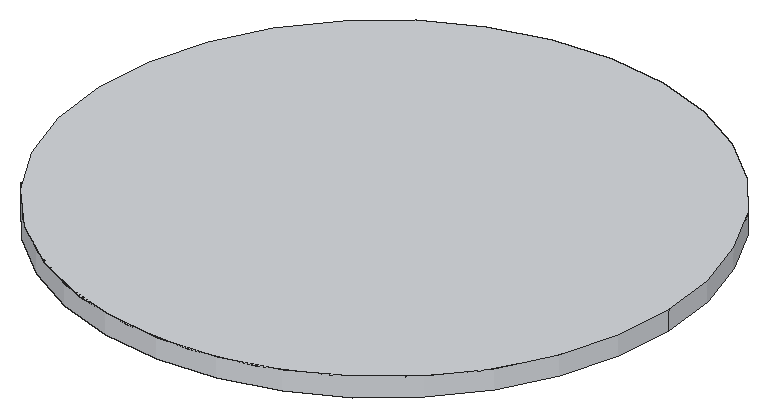
Revit family "地表隆沉", category 常规模型, Revit 2016
Family settings
  零件类型 = 标准
  可将钢筋附着到主体 = 否
  圆形连接件大小 = 使用直径
  基于工作平面 = 否
  总是垂直 = 是
  加载时剪切的空心 = 否
  共享 = 否
  房间计算点 = 否
Parameters
  高度 = 100 mm
  直径 = 3000 mm
  监测数据 [instance] = ""
  测点编号 = ""
Reference planes
  plane 1 "中心(前/后)": y = 0
  plane 2: z = 0
  plane 3 "中心(左/右)": x = 0
Forms (mm)
  Extrusion 1, solid
    sketch origin (0, 0, 0) x (1, 0, 0) y (0, 1, 0)
      loop
        circle (0, 0) r 1500
    from 0 to 100
Dimensions and locks
  "高度": Extrusion 1 to Extrusion 1
  "直径": diameter of Extrusion 1 sketch curve
  aligned and locked: level to plane 2
  aligned and locked: Extrusion 1 to level
Automatic sketch dimensions
  plane 1 "中心(前/后)" to Extrusion 1 sketch curve = 0 mm
  Extrusion 1 sketch curve to plane 3 "中心(左/右)" = 0 mm
